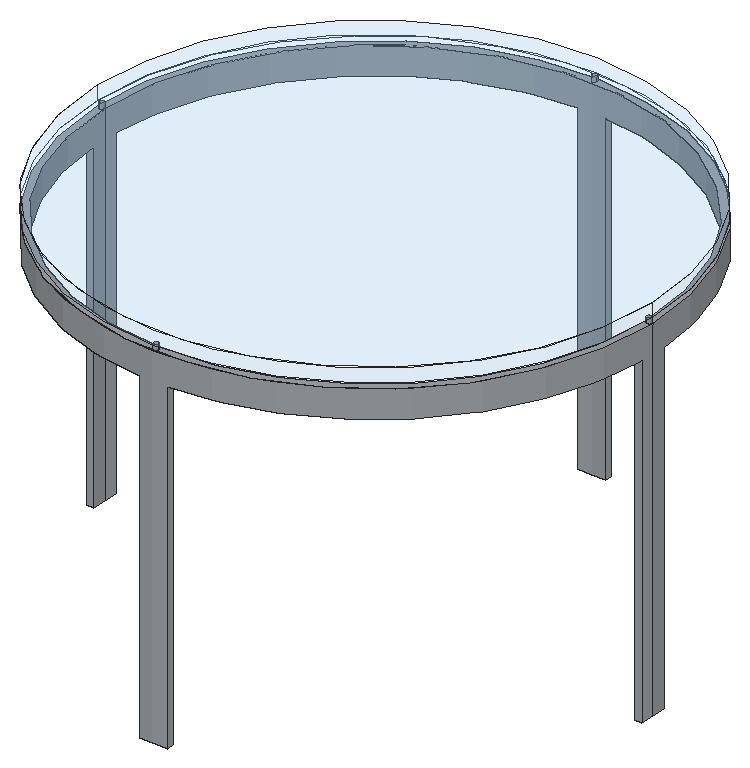
Revit family
Parameters
  URL = "http://www.martinbrattrud.com"
  Table Top [instance] = none
  SCS Certified Product = "Yes"
  Model = "Lundin 1006-30CH"
  Manufacturer = "Martin Brattrud, Inc."
  Leg [instance] = none
  Keynote = "125000"
  Copyright = "© 2013 Martin Brattrud, Inc."
  Authoring Version = "Revit Architecture 2010"
  Assembly Code = "E2020200"
Reference planes (in)
  plane 1 "Center Front/Back": y = 0
  plane 2: z = 0
  plane 3 "Center Left/Right": x = 0
  plane 4: z = 0
  plane 5: x = -15
  plane 6: x = 15
  plane 7: y = 15
  plane 8: y = -15
Forms (in)
  Extrusion 1, solid, material <- "Table Top"
    sketch origin (0, 0, 0) x (1, 0, 0) y (0, 1, 0)
      loop
        circle (0, 0) r 15
    from 19.25 to 20
  Extrusion 2, solid, material <- "Leg"
    sketch origin (0, 0, 0) x (1, 0, 0) y (0, 1, 0)
      loop
        circle (0, 0) r 15
      loop
        circle (0, 0) r 14.625
    from 0 to 19
  Extrusion 3, void
    sketch origin (0, 0, 0) x (1, 0, 0) y (0, 1, 0)
      loop
        line (0.75, 14.98124) -> (0.75, 0.75) -> (14.98124, 0.75)
        arc (14.98124, 0.75) -> (10.6066, 10.6066) -> (0.75, 14.98124) r 15
      loop
        line (-0.75, -14.98124) -> (-0.75, -0.75) -> (-14.98124, -0.75)
        arc (-14.98124, -0.75) -> (-10.6066, -10.6066) -> (-0.75, -14.98124) r 15
      loop
        line (14.98124, -0.75) -> (0.75, -0.75) -> (0.75, -14.98124)
        arc (0.75, -14.98124) -> (10.6066, -10.6066) -> (14.98124, -0.75) r 15
      loop
        line (-14.98124, 0.75) -> (-0.75, 0.75) -> (-0.75, 14.98124)
        arc (-0.75, 14.98124) -> (-10.6066, 10.6066) -> (-14.98124, 0.75) r 15
    from 0 to 17.5
  Extrusion 4, solid, material <- "Leg"
    sketch origin (0, 0, 0) x (1, 0, 0) y (0, 1, 0)
      loop
        circle (0, 14.79675) r 0.125
      loop
        circle (0, -14.79675) r 0.125
      loop
        circle (-14.79675, 0) r 0.125
      loop
        circle (14.79675, 0) r 0.125
    from 19 to 19.25
Cuts and joins
  Extrusion 3 cuts Extrusion 2
